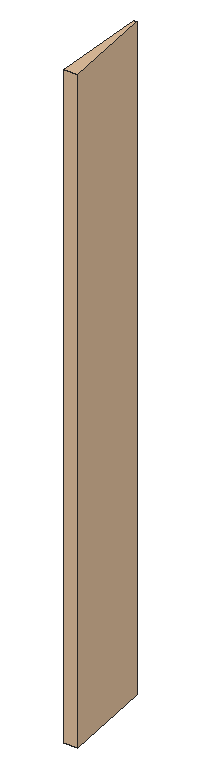
Revit family
Parameters (values of type "150mm Wide")
  built-in parameter 1008623 [instance] = (empty or 0)
  built-in parameter 1008625 [instance] = (empty or 0)
  Width = 150 mm
  Material = Wood - Cherry
  Post = yes
  Manufacturer = ""
  Description = ""
  built-in parameter 1008624 [instance] = (empty or 0)
  built-in parameter 1008622 [instance] = 950 mm
  Assembly Code = ""
Reference planes
  plane 1 "Center (Front/Back)": y = 0
  plane 2: z = 0
  plane 3 "Center (Left/Right)": x = 0
  plane 4 "Top of Post": z = 950
  plane 5: y = -75
  plane 6: y = 75
Forms (mm)
  Extrusion 1, solid, material "Wood - Cherry" <- "Material"
    sketch origin (0, 0, 0) x (1, 0, 0) y (0, 1, 0)
      loop
        line (-11.567, 75) -> (-17.679, 75) -> (-8.04, -75) -> (14.882, -75) -> (-11.567, 75)
    from 0 to 950
Dimensions and locks
  "Width": plane 5 to plane 6
  equal spacing: plane 5, plane 1 "Center (Front/Back)", plane 6
  "built-in parameter 1008622": plane 4 "Top of Post" to level
  aligned and locked: Extrusion 1 to plane 4 "Top of Post"
Automatic sketch dimensions
  Extrusion 1 sketch curve to plane 5 = 0 mm
  Extrusion 1 sketch curve to plane 6 = 0 mm
  Extrusion 1 sketch curve to plane 3 "Center (Left/Right)" = 17.679 mm
  Extrusion 1 sketch curve to Extrusion 1 sketch curve = 6.112 mm
  Extrusion 1 sketch curve to plane 3 "Center (Left/Right)" = 8.04 mm
  plane 3 "Center (Left/Right)" to Extrusion 1 sketch curve = 14.882 mm
